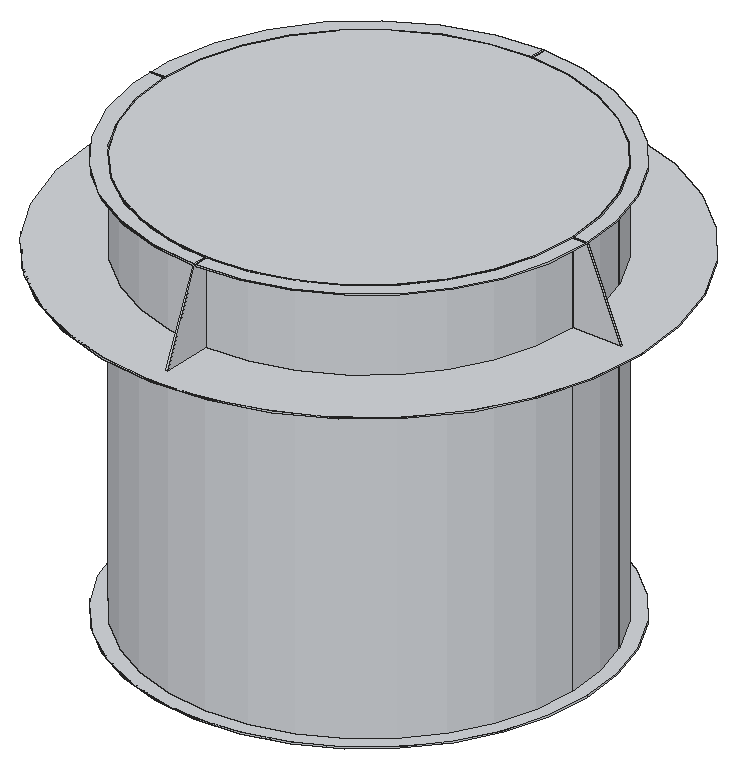
Revit family "НЕВАТОМ_Узел прохода УП2-1, версия 1", category Арматура воздуховодов, Revit 2017
Family settings
  Размер круглого соединителя = Использовать диаметр
  Тип детали = Вставляется
  На основе рабочей плоскости = Нет
  Всегда вертикально = Да
  При загрузке вырезать с полостями = Нет
  Общий = Нет
Parameters (values of type "УЗЕЛ ПРОХОДА-УП2-1-0-1000-1000")
  t = 3 mm
  d1 = D1 - D / 10  # 1240 mm
  d = D + D / 10  # 1100 mm
  Nevatom_URL = "https://t.me/NEVATOM_Bim_bot"
  L = 1000 mm
  H = 200 mm
  Df1 = 1032 mm
  Df = (Df1 - D + 3 mm) * 2 + D + 3 mm  # 1073 mm
  D1 = 1340 mm
  D+3 = D + 3 mm  # 1003 mm
  D = 1000 mm
  ADSK_Ток = 0 A
  ADSK_Размер_Ширина = D1  # 1340 mm
  ADSK_Размер_Длина = D1  # 1340 mm
  ADSK_Размер_Высота = L  # 1000 mm
  ADSK_Примечание = ""
  ADSK_Полная мощность = 0 VA
  ADSK_Позиция = ""
  ADSK_Напряжение = 0 V
  ADSK_Наименование [instance] = "Узел прохода"  # constant formula
  ADSK_Материал наименование = "Черная сталь"  # constant formula
  ADSK_Марка [instance] = "УП2-1-0-1000-1000"
  ADSK_Количество = 1  # constant formula
  ADSK_Код изделия = ""
  ADSK_Завод-изготовитель = "НЕВАТОМ"  # constant formula
  ADSK_Единица измерения = "шт."  # constant formula
Types (17, lengths in mm): name | d1 | d | Df1 | Df | D1 | D+3 | D | ADSK_Размер_Ширина | ADSK_Размер_Длина | ADSK_Марка
  (no name) | 1240 | 1100 | 1032 | 1073 | 1340 | 1003 | 1000 | 1340 | 1340 | "УП2-1-0-1000-1000"
  УЗЕЛ ПРОХОДА-УП2-1-0-200-1000 | 520 | 220 | 230 | 269 | 540 | 203 | 200 | 540 | 540 | "УП2-1-0-200-1000"
  УЗЕЛ ПРОХОДА-УП2-1-0-250-1000 | 515 | 275 | 280 | 319 | 540 | 253 | 250 | 540 | 540 | "УП2-1-0-250-1000"
  УЗЕЛ ПРОХОДА-УП2-1-0-280-1000 | 512 | 308 | 310 | 349 | 540 | 283 | 280 | 540 | 540 | "УП2-1-0-280-1000"
  УЗЕЛ ПРОХОДА-УП2-1-0-315-1000 | 658.5 | 346.5 | 345 | 384 | 690 | 318 | 315 | 690 | 690 | "УП2-1-0-315-1000"
  УЗЕЛ ПРОХОДА-УП2-1-0-355-1000 | 654.5 | 390.5 | 380 | 414 | 690 | 358 | 355 | 690 | 690 | "УП2-1-0-355-1000"
  УЗЕЛ ПРОХОДА-УП2-1-0-400-1000 | 800 | 440 | 425 | 459 | 840 | 403 | 400 | 840 | 840 | "УП2-1-0-400-1000"
  УЗЕЛ ПРОХОДА-УП2-1-0-450-1000 | 795 | 495 | 475 | 509 | 840 | 453 | 450 | 840 | 840 | "УП2-1-0-450-1000"
  УЗЕЛ ПРОХОДА-УП2-1-0-500-1000 | 790 | 550 | 525 | 559 | 840 | 503 | 500 | 840 | 840 | "УП2-1-0-500-1000"
  УЗЕЛ ПРОХОДА-УП2-1-0-560-1000 | 784 | 616 | 585 | 619 | 840 | 563 | 560 | 840 | 840 | "УП2-1-0-560-1000"
  УЗЕЛ ПРОХОДА-УП2-1-0-630-1000 | 1077 | 693 | 655 | 689 | 1140 | 633 | 630 | 1140 | 1140 | "УП2-1-0-630-1000"
  УЗЕЛ ПРОХОДА-УП2-1-0-710-1000 | 1069 | 781 | 742 | 783 | 1140 | 713 | 710 | 1140 | 1140 | "УП2-1-0-710-1000"
  УЗЕЛ ПРОХОДА-УП2-1-0-800-1000 | 1060 | 880 | 832 | 873 | 1140 | 803 | 800 | 1140 | 1140 | "УП2-1-0-800-1000"
  УЗЕЛ ПРОХОДА-УП2-1-0-900-1000 | 1130 | 990 | 932 | 973 | 1220 | 903 | 900 | 1220 | 1220 | "УП2-1-0-900-1000"
  УЗЕЛ ПРОХОДА-УП2-1-0-1000-1000 | 1240 | 1100 | 1032 | 1073 | 1340 | 1003 | 1000 | 1340 | 1340 | "УП2-1-0-1000-1000"
  УЗЕЛ ПРОХОДА-УП2-1-0-1120-1000 | 1338 | 1232 | 1152 | 1193 | 1450 | 1123 | 1120 | 1450 | 1450 | "УП2-1-0-1120-1000"
  УЗЕЛ ПРОХОДА-УП2-1-0-1250-1000 | 1465 | 1375 | 1282 | 1323 | 1590 | 1253 | 1250 | 1590 | 1590 | "УП2-1-0-1250-1000"
Reference planes
  plane 1 "По центру (Вперед/Назад)": y = 0
  plane 2: z = 0
  plane 3 "По центру (Влево/Вправо)": x = 0
  plane 4: z = 800
  plane 5: z = 1000
  plane 6: x = -620
  plane 7: x = 620
  plane 8: y = 620
  plane 9: y = -620
  plane 10: y = -550
  plane 11: y = 550
  plane 12: y = -500
  plane 13: y = 500
  plane 14: x = -500
  plane 15: x = 500
  plane 16: x = 536.5
  plane 17: x = -536.5
  plane 18: y = -536.5
  plane 19: y = 536.5
Forms (mm)
  Extrusion 1, solid
    sketch origin (0, 0, 0) x (1, 0, 0) y (0, 1, 0)
      loop
        circle (0, 0) r 500
    from 0 to 1000
  Extrusion 2, solid
    sketch origin (0, 0, 0) x (1, 0, 0) y (0, 1, 0)
      loop
        circle (0, 0) r 670
    from 800 to 803
  Extrusion 3, solid
    sketch origin (0, 0, 0) x (0, 1, 0) y (0, 0, 1)
      loop
        line (-500, 1000) -> (-536.5, 1000) -> (-620, 803) -> (-500, 803) -> (-500, 1000)
      loop
        line (500, 1000) -> (500, 803) -> (620, 803) -> (536.5, 1000) -> (500, 1000)
    from -1.5 to 1.5
  Extrusion 4, solid
    sketch origin (0, 0, 0) x (1, 0, 0) y (0, 0, 1)
      loop
        line (500, 1000) -> (500, 803) -> (620, 803) -> (536.5, 1000) -> (500, 1000)
      loop
        line (-620, 803) -> (-500, 803) -> (-500, 1000) -> (-536.5, 1000) -> (-620, 803)
    from -1.5 to 1.5
  Extrusion 5, solid
    sketch origin (0, 0, 0) x (1, 0, 0) y (0, 1, 0)
      loop
        circle (0, 0) r 501.5
    from 0 to 1000
  Extrusion 6, solid
    sketch origin (0, 0, 0) x (1, 0, 0) y (0, 1, 0)
      loop
        circle (0, 0) r 501.5
      loop
        circle (0, 0) r 536.5
    from 0 to 3
  Extrusion 7, solid
    sketch origin (0, 0, 1020) x (0, -1, 0) y (1, 0, 0)
      loop
        circle (0, 0) r 501.5
      loop
        circle (0, 0) r 536.5
    from -23 to -20
Dimensions and locks
  "H": plane 5 to plane 4
  "L": plane 5 to level
  "t": Extrusion 2 to plane 4
  equal spacing: plane 6, plane 3 "По центру (Влево/Вправо)", plane 7
  "d1": plane 6 to plane 7
  equal spacing: plane 8, plane 1 "По центру (Вперед/Назад)", plane 9
  "d1": plane 8 to plane 9
  equal spacing: plane 11, plane 1 "По центру (Вперед/Назад)", plane 10
  "d": plane 11 to plane 10
  equal spacing: plane 12, plane 1 "По центру (Вперед/Назад)", plane 13
  "D": plane 12 to plane 13
  equal spacing: Extrusion 3, plane 3 "По центру (Влево/Вправо)", Extrusion 3
  "t": Extrusion 3 to Extrusion 3
  equal spacing: plane 15, plane 3 "По центру (Влево/Вправо)", plane 14
  "D": plane 15 to plane 14
  equal spacing: Extrusion 4, plane 1 "По центру (Вперед/Назад)", Extrusion 4
  "t": Extrusion 4 to Extrusion 4
  "t": Extrusion 6 to level
  "t": plane 5 to Extrusion 7
  plane 7 to plane 6 = 1240 mm
  equal spacing: plane 16, plane 3 "По центру (Влево/Вправо)", plane 17
  "Df": plane 16 to plane 17
  equal spacing: plane 10, plane 1 "По центру (Вперед/Назад)", plane 11
  plane 10 to plane 11 = 1100 mm
  equal spacing: plane 18, plane 1 "По центру (Вперед/Назад)", plane 19
  "Df": plane 18 to plane 19
  "D": diameter of Extrusion 1 sketch curve
  "D1": diameter of Extrusion 2 sketch curve
  "D+3": diameter of Extrusion 5 sketch curve
  "D+3": diameter of Extrusion 6 sketch curve
  "Df": diameter of Extrusion 6 sketch curve
  "D+3": diameter of Extrusion 7 sketch curve
  "Df": diameter of Extrusion 7 sketch curve
  aligned and locked: level to plane 2
  aligned and locked: plane 5 to Extrusion 1
  aligned and locked: Extrusion 1 to level
  aligned and locked: Extrusion 2 to plane 4
  aligned and locked: Extrusion 2 to Extrusion 3 sketch curve
  aligned and locked: Extrusion 3 sketch curve to Extrusion 2
  aligned and locked: Extrusion 3 sketch curve to plane 12
  aligned and locked: Extrusion 3 sketch curve to plane 13
  aligned and locked: Extrusion 4 sketch curve to Extrusion 2  (x2)
  aligned and locked: plane 5 to Extrusion 4 sketch curve
  aligned and locked: Extrusion 4 sketch curve to plane 5
  aligned and locked: Extrusion 1 to Extrusion 4 sketch curve
  aligned and locked: plane 14 to Extrusion 4 sketch curve
  aligned and locked: Extrusion 4 sketch curve to plane 15
  aligned and locked: plane 5 to Extrusion 5
  aligned and locked: Extrusion 5 to level
  aligned and locked: Extrusion 6 to level
  aligned and locked: Extrusion 7 to plane 5
  aligned and locked: plane 6 to Extrusion 4 sketch curve
  aligned and locked: plane 16 to Extrusion 4 sketch curve
  aligned and locked: plane 17 to Extrusion 4 sketch curve
  aligned and locked: plane 5 to Extrusion 3 sketch curve  (x2)
  aligned and locked: plane 19 to Extrusion 3 sketch curve
  aligned and locked: plane 18 to Extrusion 3 sketch curve
  aligned and locked: plane 9 to Extrusion 3 sketch curve
  aligned and locked: plane 8 to Extrusion 3 sketch curve
  aligned and locked: nested 1 to Extrusion 7
Automatic sketch dimensions
  plane 1 "По центру (Вперед/Назад)" to Extrusion 1 sketch curve = 0 mm
  Extrusion 1 sketch curve to plane 3 "По центру (Влево/Вправо)" = 0 mm
  plane 1 "По центру (Вперед/Назад)" to Extrusion 2 sketch curve = 0 mm
  Extrusion 2 sketch curve to plane 3 "По центру (Влево/Вправо)" = 0 mm
  Extrusion 4 sketch curve to plane 7 = 0 mm
  plane 1 "По центру (Вперед/Назад)" to Extrusion 5 sketch curve = 0 mm
  Extrusion 5 sketch curve to plane 3 "По центру (Влево/Вправо)" = 0 mm
  Extrusion 6 sketch curve to Extrusion 6 sketch curve = 0 mm  (x2)
  plane 1 "По центру (Вперед/Назад)" to Extrusion 6 sketch curve = 0 mm
  Extrusion 6 sketch curve to plane 3 "По центру (Влево/Вправо)" = 0 mm
  Extrusion 7 sketch curve to Extrusion 7 sketch curve = 0 mm  (x2)
  plane 1 "По центру (Вперед/Назад)" to Extrusion 7 sketch curve = 0 mm
  Extrusion 7 sketch curve to plane 3 "По центру (Влево/Вправо)" = 0 mm
Nested families
  nested 1: "НЕВАТОМ_QR-D_1" at (0, 0, 1000), type "100", not visible
    with L 8 mm
Connectors
  hvac at (0, 0, 1000), driven by "D"
    settings: on Extrusion 1, index 1, duct flow 0.0 L/s, flow factor 0, pres drop 0.0 Pa, loss coef 0, conn angle 0.00°, conn width 304.8 mm, conn height 304.8 mm, conn diameter 1000 mm, duct sys type 29, conn prof type 0, flow config 0, flow direction 0, loss method 0, conn ref index 2, conn util no, is conn primary yes, conn desc ""
  hvac at (0, 0, 0), driven by "D"
    settings: on Extrusion 1, index 2, duct flow 0.0 L/s, flow factor 0, pres drop 0.0 Pa, loss coef 0, conn angle 0.00°, conn width 304.8 mm, conn height 304.8 mm, conn diameter 1000 mm, duct sys type 29, conn prof type 0, flow config 0, flow direction 0, loss method 0, conn ref index 1, conn util no, is conn primary no, conn desc ""
Definition of nested family "НЕВАТОМ_QR-D_1"
  Parameters (values of type "60")
    Nevatom_Logo_Perspective = none
    L = 1 mm
    D = 60 mm
  Types (7, lengths in mm): name | D
    (no name) | 60
    6,3 | 6.3
    10 | 10
    20 | 20
    40 | 40
    60 | 60
    100 | 100
  Reference planes
    plane 1 "По центру (Вперед/Назад)": y = 0
    plane 2: z = 0
    plane 3 "По центру (Влево/Вправо)": x = 0
  Forms (mm)
    Extrusion 1, solid, material <- "Nevatom_Logo_Perspective"
      sketch origin (0, 0, 0) x (1, 0, 0) y (0, 1, 0)
        loop
          circle (0, 0) r 30
      from 0 to 1 <- "L"
  Dimensions and locks
    "D": diameter of Extrusion 1 sketch curve
    aligned and locked: level to plane 2
  Automatic sketch dimensions
    plane 1 "По центру (Вперед/Назад)" to Extrusion 1 sketch curve = 0 mm
    Extrusion 1 sketch curve to plane 3 "По центру (Влево/Вправо)" = 0 mm
